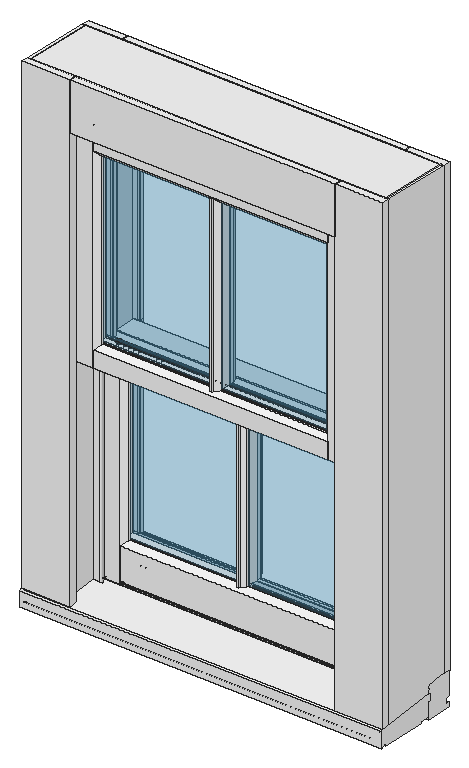
Revit family "B1-22V", category Generic Models, Revit 2012
Parameters (values of type "Window Sill drawing")
  Width = 757 mm
  Height = 1024 mm
  GlazingPanelMaterial = Glass
  Floor Material = White
Reference planes
  plane 1 "Center (Front/Back)": y = 0
  plane 2: z = 0
  plane 3 "Center (Left/Right)": x = 0
  plane 4: z = 1023.04
  plane 5: x = -800
  plane 6: y = -21.25
  plane 7: y = 152.75
  plane 8: x = -669
  plane 9: y = -21.25
  plane 10: z = 527.56
  plane 11: z = 483.56
  plane 12: z = 923.04
  plane 13: z = 937.04
  plane 14: z = 33
  plane 15: z = 941.04
  plane 16: z = 68
  plane 17: x = -43
  plane 18: x = -419.504
  plane 19: x = -174
  plane 20: z = -98.018
  plane 21: y = 110
  plane 22: y = 110
  plane 23: y = 110
  plane 24: x = -125
Forms (mm)
  Extrusion 1, solid, material "White" <- "Floor Material"
    sketch origin (250, 0, 215.855) x (0, 1, 0) y (0, 0, 1)
      loop
        arc (117, 270.705) -> (122.657, 273.048) -> (125, 278.705) r 8
        line (125, 278.705) -> (128, 278.705) -> (128, 283.705) -> (109, 283.705) -> (109, 271.705) -> (112, 271.705) -> (113, 267.705) -> (117, 267.705) -> (117, 270.705)
      loop
        line (105, 279.705) -> (89, 279.705) -> (89, 269.705) -> (105, 269.705) -> (105, 279.705)
      loop
        line (60, 267.705) -> (60, 292.705) -> (54, 292.705) -> (54, 295.705) -> (12, 295.705) -> (12, 311.705) -> (10, 311.705) -> (0, 301.705) -> (0, 267.705) -> (30.175, 267.705) -> (60, 267.705)
      loop
        line (34, 309.705) -> (18, 309.705) -> (18, 299.705) -> (34, 299.705) -> (34, 309.705)
      loop
        arc (55.767, 295.281) -> (54.751, 294.297) -> (55.736, 293.282) r 1
        line (55.736, 293.282) -> (63.235, 293.165) -> (63.296, 297.134) -> (65.309, 294.29)
        arc (65.309, 294.29) -> (66.623, 294.371) -> (66.745, 295.682) r 1.012
        line (66.745, 295.682) -> (63.823, 299.81)
        arc (63.823, 299.81) -> (62.341, 300.357) -> (61.298, 299.171) r 1.396
        line (61.298, 299.171) -> (61.236, 295.196) -> (55.767, 295.281)
    from -917.922 to -425.078
  Extrusion 2, solid, material "White" <- "Floor Material"
    sketch origin (1015, 13.291, 163.049) x (0, 1, 0) y (0, 0, 1)
      loop
        line (69.709, 336.511) -> (96.209, 336.511) -> (96.209, 364.511) -> (50.709, 364.511) -> (50.709, 359.511) -> (52.709, 349.511) -> (57.709, 349.511) -> (57.709, 339.968) -> (63.93, 339.968) -> (63.93, 336.511) -> (57.709, 336.511) -> (57.709, 320.511) -> (69.709, 320.511) -> (69.709, 336.511)
      loop
        line (53.709, 320.511) -> (53.709, 325.511) -> (51.709, 335.511) -> (46.709, 335.511) -> (46.709, 320.511) -> (53.709, 320.511)
      loop
        line (46.709, 364.511) -> (28.709, 364.511) -> (27.709, 360.511) -> (24.709, 360.511) -> (24.709, 348.511) -> (46.709, 348.511) -> (46.709, 364.511)
      loop
        arc (62.122, 337.525) -> (63.096, 338.55) -> (62.071, 339.524) r 1
        line (62.071, 339.524) -> (54.574, 339.332) -> (54.675, 335.364) -> (52.547, 338.122)
        arc (52.547, 338.122) -> (51.237, 337.987) -> (51.17, 336.672) r 1.012
        line (51.17, 336.672) -> (54.259, 332.668)
        arc (54.259, 332.668) -> (55.762, 332.182) -> (56.756, 333.41) r 1.396
        line (56.756, 333.41) -> (56.654, 337.384) -> (62.122, 337.525)
    from -1684 to -1190.078
  Extrusion 3, solid, material "White" <- "Floor Material"
    sketch origin (865, 123.171, 176.773) x (0, 1, 0) y (0, 0, 1)
      loop
        line (-14.171, 306.296) -> (-10.171, 306.787) -> (-11.171, 310.787) -> (-14.171, 310.787) -> (-14.171, 306.296)
      loop
        line (-38.171, 306.542) -> (-38.171, 309.542) -> (-40.171, 309.787) -> (-40.171, 306.787) -> (-38.171, 306.542)
      loop
        line (-85.171, 351.278) -> (-85.171, 346.787) -> (-82.171, 346.787) -> (-81.171, 350.787) -> (-85.171, 351.278)
      loop
        line (-111.171, 347.787) -> (-109.171, 348.033) -> (-109.171, 351.033) -> (-111.171, 350.787) -> (-111.171, 347.787)
    from -1534 to -1284.582
  Extrusion 4, solid, material "Glass" <- "GlazingPanelMaterial"
    sketch origin (150, 64.106, 220.533) x (0, 1, 0) y (0, 0, 1)
      loop
        line (44.88, -103.528) -> (44.88, 279.027) -> (40.88, 279.027) -> (40.88, -103.528) -> (44.88, -103.528)
      loop
        line (24.88, 279.027) -> (20.88, 279.027) -> (20.88, -103.528) -> (24.88, -103.528) -> (24.88, 279.027)
    from -819 to -325.078
  Extrusion 5, solid, material "White" <- "Floor Material"
    sketch origin (761.418, 125.498, 522.759) x (0, -0.121869, -0.992546) y (0, 0.992546, -0.121869)
      loop
        line (28.327, -57.65) -> (23.969, -54.354)
        arc (23.969, -54.354) -> (22.506, -54.612) -> (22.765, -56.075) r 1.05
        line (22.765, -56.075) -> (26.332, -58.837)
        arc (26.332, -58.837) -> (26.584, -59.776) -> (25.835, -60.396) r 0.9
        line (25.835, -60.396) -> (19.693, -61.15)
        arc (19.693, -61.15) -> (19.162, -61.383) -> (18.989, -61.936) r 0.7
        line (18.989, -61.936) -> (19.197, -63.633) -> (19.712, -64.398) -> (20.1, -67.562) -> (19.196, -66.76) -> (19.293, -67.554) -> (20.152, -68.225) -> (20.951, -68.183) -> (23.094, -67.324) -> (22.996, -66.53) -> (20.532, -66.978) -> (20.205, -64.315)
        arc (20.205, -64.315) -> (20.389, -63.651) -> (20.989, -63.312) r 0.9
        line (20.989, -63.312) -> (28.761, -62.358)
        arc (28.761, -62.358) -> (29.205, -62.1) -> (29.324, -61.601) r 0.65
        line (29.324, -61.601) -> (28.752, -58.33)
        arc (28.752, -58.33) -> (28.631, -57.932) -> (28.327, -57.65) r 0.798
    from -1430.418 to -1181
  Extrusion 6, solid, material "White" <- "Floor Material"
    sketch origin (911.418, 126.532, 523.994) x (0, -0.121869, -0.992546) y (0, 0.992546, -0.121869)
      loop
        arc (25.38, -55.148) -> (23.778, -55.428) -> (24.057, -57.03) r 1.15
        line (24.057, -57.03) -> (27.62, -59.789)
        arc (27.62, -59.789) -> (27.84, -60.623) -> (27.175, -61.172) r 0.8
        line (27.175, -61.172) -> (20.939, -61.931)
        arc (20.939, -61.931) -> (20.405, -62.232) -> (20.241, -62.823) r 0.8
        line (20.241, -62.823) -> (20.45, -64.52) -> (20.968, -65.312) -> (21.339, -68.337) -> (20.548, -67.635) -> (20.645, -68.429) -> (21.504, -69.1) -> (22.303, -69.058) -> (24.446, -68.2) -> (24.348, -67.406) -> (21.983, -67.835) -> (21.657, -65.178)
        arc (21.657, -65.178) -> (21.82, -64.588) -> (22.353, -64.287) r 0.8
        line (22.353, -64.287) -> (30.127, -63.332)
        arc (30.127, -63.332) -> (30.638, -63.034) -> (30.774, -62.459) r 0.75
        line (30.774, -62.459) -> (30.244, -59.424)
        arc (30.244, -59.424) -> (30.154, -58.918) -> (29.833, -58.516) r 1.042
        line (29.833, -58.516) -> (25.38, -55.148)
    from -1580.418 to -1331
  Extrusion 7, solid, material "White" <- "Floor Material"
    sketch origin (861.418, 121.497, 535.638) x (0, -0.121869, -0.992546) y (0, 0.992546, -0.121869)
      loop
        line (37.899, -55.316) -> (32.161, -55.997)
        arc (32.161, -55.997) -> (31.827, -56.184) -> (31.724, -56.554) r 0.5
        line (31.724, -56.554) -> (32.395, -62.021) -> (31.491, -61.219) -> (31.588, -62.013) -> (32.447, -62.684) -> (33.246, -62.642) -> (35.389, -61.784) -> (35.291, -60.989) -> (32.827, -61.437) -> (32.285, -57.019)
        arc (32.285, -57.019) -> (32.428, -56.659) -> (32.772, -56.479) r 0.558
        line (32.772, -56.479) -> (37.96, -55.818)
        arc (37.96, -55.818) -> (38.179, -55.536) -> (37.899, -55.316) r 0.253
    from -1530.418 to -1281
  Extrusion 8, solid, material "White" <- "Floor Material"
    sketch origin (-78.582, 5.502, 488.643) x (0, 0.121869, 0.992546) y (0, -0.992546, 0.121869)
      loop
        line (28.327, -57.65) -> (23.969, -54.354)
        arc (23.969, -54.354) -> (22.506, -54.612) -> (22.765, -56.075) r 1.05
        line (22.765, -56.075) -> (26.332, -58.837)
        arc (26.332, -58.837) -> (26.584, -59.776) -> (25.835, -60.396) r 0.9
        line (25.835, -60.396) -> (19.693, -61.15)
        arc (19.693, -61.15) -> (19.162, -61.383) -> (18.989, -61.936) r 0.7
        line (18.989, -61.936) -> (19.197, -63.633) -> (19.712, -64.398) -> (20.1, -67.562) -> (19.196, -66.76) -> (19.293, -67.554) -> (20.152, -68.225) -> (20.951, -68.183) -> (23.094, -67.324) -> (22.996, -66.53) -> (20.532, -66.978) -> (20.205, -64.315)
        arc (20.205, -64.315) -> (20.389, -63.651) -> (20.989, -63.312) r 0.9
        line (20.989, -63.312) -> (28.761, -62.358)
        arc (28.761, -62.358) -> (29.205, -62.1) -> (29.324, -61.601) r 0.65
        line (29.324, -61.601) -> (28.752, -58.33)
        arc (28.752, -58.33) -> (28.631, -57.932) -> (28.327, -57.65) r 0.798
    from -590.418 to -96.496
  Extrusion 9, solid, material "White" <- "Floor Material"
    sketch origin (736.418, 9.503, 475.765) x (0, 0.121869, 0.992546) y (0, -0.992546, 0.121869)
      loop
        line (37.899, -55.316) -> (32.161, -55.997)
        arc (32.161, -55.997) -> (31.827, -56.184) -> (31.724, -56.554) r 0.5
        line (31.724, -56.554) -> (32.395, -62.021) -> (31.491, -61.219) -> (31.588, -62.013) -> (32.447, -62.684) -> (33.246, -62.642) -> (35.389, -61.784) -> (35.291, -60.989) -> (32.827, -61.437) -> (32.285, -57.019)
        arc (32.285, -57.019) -> (32.428, -56.659) -> (32.772, -56.479) r 0.558
        line (32.772, -56.479) -> (37.96, -55.818)
        arc (37.96, -55.818) -> (38.179, -55.536) -> (37.899, -55.316) r 0.253
    from -1405.418 to -911.496
  Extrusion 10, solid, material "White" <- "Floor Material"
    sketch origin (815, 0, 215.855) x (0, 1, 0) y (0, 0, 1)
      loop
        line (38, 299.705) -> (12, 299.705) -> (12, 295.705) -> (38, 295.705) -> (38, 299.705)
      loop
        line (109, 283.705) -> (83, 283.705) -> (83, 279.705) -> (109, 279.705) -> (109, 283.705)
    from -1484 to -1234.582
  Extrusion 11, solid, not visible
    sketch origin (0, 0, 9.375) x (0, 1, 0) y (0, 0, 1)
      loop
        line (94.662, 311.911) -> (94.314, 312.868) -> (95.314, 312.868) -> (93.454, 317.977) -> (86.115, 317.977) -> (85.011, 317.575) -> (64.143, 317.575) -> (64.143, 311.911) -> (94.662, 311.911)
    from 0 to 250
  Extrusion 12, solid, not visible
    sketch origin (0, 0, 9.375) x (0, 1, 0) y (0, 0, 1)
      loop
        line (93.688, 317.334) -> (85.92, 317.334) -> (87.101, 312.926) -> (95.293, 312.926) -> (93.688, 317.334)
      loop
        line (91.853, 322.376) -> (91.853, 328.194)
        arc (91.853, 328.194) -> (91.424, 329.231) -> (90.388, 329.66) r 1.465
        line (90.388, 329.66) -> (71.853, 329.66) -> (71.853, 322.376) -> (91.853, 322.376)
      loop
        line (73.373, 320.598) -> (64.143, 320.598) -> (64.143, 317.575) -> (73.373, 317.575) -> (73.373, 320.598)
      loop
        line (61.169, 311.884) -> (61.169, 316.884) -> (56.169, 316.884)
        arc (56.169, 316.884) -> (53.926, 317.813) -> (52.996, 320.057) r 3.173
        line (52.996, 320.057) -> (52.996, 327.594)
        arc (52.996, 327.594) -> (53.247, 329.284) -> (54.656, 330.25) r 2.138
        line (54.656, 330.25) -> (56.493, 330.25)
        arc (56.493, 330.25) -> (57.939, 329.727) -> (58.925, 328.548) r 2.95
        line (58.925, 328.548) -> (59.306, 324.922) -> (61.24, 324.922) -> (60.612, 330.901)
        arc (60.612, 330.901) -> (59.723, 332.646) -> (57.894, 333.348) r 2.733
        line (57.894, 333.348) -> (52.423, 333.348)
        arc (52.423, 333.348) -> (50.164, 330.795) -> (49.999, 327.391) r 5.139
        line (49.999, 327.391) -> (47.957, 316.884)
        arc (47.957, 316.884) -> (49.179, 314.507) -> (49.698, 311.884) r 9.583
        line (49.698, 311.884) -> (61.169, 311.884)
    from 0 to 250
  Extrusion 13, solid, material "White" <- "Floor Material"
    sketch origin (0, -21.25, 628.291) x (0, 1, 0) y (0, 0, 1)
      loop
        arc (81.5, 305.749) -> (80.621, 307.871) -> (78.5, 308.749) r 3
        line (78.5, 308.749) -> (73.5, 308.749) -> (73.5, 302.749) -> (70.5, 302.749) -> (70.5, 308.749) -> (24.5, 308.749)
        arc (24.5, 308.749) -> (22.379, 307.871) -> (21.5, 305.749) r 3
        line (21.5, 305.749) -> (21.5, 262.749) -> (31.5, 252.749) -> (33.5, 252.749) -> (33.5, 268.749) -> (81.5, 268.749) -> (81.5, 305.749)
    from -667.921 to -175.078
  Extrusion 14, solid, material "White" <- "Floor Material"
    sketch origin (50, -21.25, 639.228) x (0, 1, 0) y (0, 0, 1)
      loop
        line (78.5, 268.749) -> (59.5, 268.749) -> (59.5, 256.749) -> (62.5, 256.749) -> (63.5, 252.749) -> (67.5, 252.749) -> (67.5, 255.749)
        arc (67.5, 255.749) -> (73.157, 258.092) -> (75.5, 263.749) r 8
        line (75.5, 263.749) -> (78.5, 263.749) -> (78.5, 268.749)
      loop
        line (67.534, 317.378) -> (63.288, 313.116) -> (63.101, 309.432)
        arc (63.101, 309.432) -> (63.279, 308.951) -> (63.75, 308.749) r 0.65
        line (63.75, 308.749) -> (71.582, 308.749)
        arc (71.582, 308.749) -> (72.219, 308.486) -> (72.482, 307.849) r 0.9
        line (72.482, 307.849) -> (72.482, 305.266) -> (69.639, 305.266) -> (69.639, 304.437) -> (70.5, 304.437) -> (72.582, 304.032) -> (73.5, 304.437) -> (73.5, 308.749) -> (73.4, 310.459)
        arc (73.4, 310.459) -> (73.16, 310.987) -> (72.605, 311.153) r 0.7
        line (72.605, 311.153) -> (66.417, 311.153)
        arc (66.417, 311.153) -> (65.695, 311.514) -> (65.553, 312.309) r 0.9
        line (65.553, 312.309) -> (68.938, 315.817)
        arc (68.938, 315.817) -> (69.016, 317.299) -> (67.534, 317.378) r 1.05
    from -719 to -224
  Extrusion 15, solid, material "White" <- "Floor Material"
    sketch origin (50, -21.25, 628.291) x (0, 1, 0) y (0, 0, 1)
      loop
        line (154, 344.749) -> (154, 388.749) -> (20, 388.749) -> (20, 344.749) -> (154, 344.749)
    from -749.921 to -175.079
  Extrusion 16, solid, material "Glass" <- "GlazingPanelMaterial"
    sketch origin (0, -6.957, 754.533) x (0, 1, 0) y (0, 0, 1)
      loop
        line (45.207, -226.973) -> (45.207, 138.507) -> (41.207, 138.507) -> (41.207, -226.973) -> (45.207, -226.973)
      loop
        line (24.957, 138.507) -> (20.957, 138.507) -> (20.957, -226.973) -> (24.957, -226.973) -> (24.957, 138.507)
    from -669 to -175.078
  Extrusion 17, solid, material "White" <- "Floor Material"
    sketch origin (-72.332, 95.318, 1060.525) x (0, 1, 0) y (0, 0, 1)
      loop
        line (-97.368, -115.408) -> (-98.782, -115.408) -> (-98.782, -120.691) -> (-97.368, -120.691) -> (-97.368, -119.602) -> (-97.368, -116.493) -> (-97.368, -115.408)
    from -596.668 to -347.25
  Extrusion 18, solid, material "White" <- "Floor Material"
    sketch origin (50, -21.25, 639.228) x (0, 1, 0) y (0, 0, 1)
      loop
        line (17, 304.499) -> (13, 304.499) -> (13, 301.999) -> (17, 301.999) -> (17, 299.749) -> (20, 299.749) -> (20, 301.694) -> (19.2, 301.694) -> (19.2, 300.606) -> (17.786, 300.606) -> (17.786, 305.893) -> (19.2, 305.893) -> (19.2, 304.804) -> (20, 304.804) -> (20, 306.749) -> (17, 306.749) -> (17, 304.499)
    from -719 to -224
  Extrusion 19, solid, material "White" <- "Floor Material"
    sketch origin (50, -21.25, 639.228) x (0, 1, 0) y (0, 0, 1)
      loop
        line (23.862, 300.393) -> (23.862, 306.074)
        spline (23.862, 306.074) -> (23.6, 305.683) -> (23.284, 305.425) -> (22.922, 305.27) -> (22.524, 305.189) -> (22.101, 305.153) -> (21.66, 305.133) -> (21.213, 305.1) -> (20.767, 305.024) -> (20.334, 304.876) -> (19.922, 304.627) -> (19.541, 304.248) -> (19.2, 303.71)
        line (19.2, 303.71) -> (19.2, 302.476)
        spline (19.2, 302.476) -> (19.558, 301.967) -> (19.948, 301.615) -> (20.362, 301.392) -> (20.792, 301.269) -> (21.23, 301.216) -> (21.669, 301.205) -> (22.099, 301.206) -> (22.515, 301.191) -> (22.906, 301.132) -> (23.267, 300.998) -> (23.588, 300.761) -> (23.862, 300.393)
    from -719 to -224
  Extrusion 20, solid, material "White" <- "Floor Material"
    sketch origin (-22.332, 36.182, 1060.525) x (0, -1, 0) y (0, 0, -1)
      loop
        line (-97.368, 115.408) -> (-97.368, 116.493) -> (-97.368, 119.602) -> (-97.368, 120.691) -> (-98.782, 120.691) -> (-98.782, 115.408) -> (-97.368, 115.408)
    from -646.668 to -397.25
  Extrusion 21, solid, material "White" <- "Floor Material"
    sketch origin (25, 152.75, 639.228) x (0, -1, 0) y (0, 0, -1)
      loop
        spline (23.862, -300.393) -> (23.588, -300.761) -> (23.267, -300.998) -> (22.906, -301.132) -> (22.515, -301.191) -> (22.099, -301.206) -> (21.669, -301.205) -> (21.23, -301.216) -> (20.792, -301.269) -> (20.362, -301.392) -> (19.948, -301.615) -> (19.558, -301.967) -> (19.2, -302.476)
        line (19.2, -302.476) -> (19.2, -303.71)
        spline (19.2, -303.71) -> (19.541, -304.248) -> (19.922, -304.627) -> (20.334, -304.876) -> (20.767, -305.024) -> (21.213, -305.1) -> (21.66, -305.133) -> (22.101, -305.153) -> (22.524, -305.189) -> (22.922, -305.27) -> (23.284, -305.425) -> (23.6, -305.683) -> (23.862, -306.074)
        line (23.862, -306.074) -> (23.862, -300.393)
    from -694 to -444.582
  Extrusion 22, solid, material "White" <- "Floor Material"
    sketch origin (50, 234.566, 755.449) x (0, 1, 0) y (0, 0, 1)
      loop
        line (-222.316, 137.529) -> (-220.566, 137.744) -> (-220.566, 140.529) -> (-222.316, 140.529) -> (-222.316, 137.529)
      loop
        line (-193.316, 140.529) -> (-196.316, 140.529) -> (-196.316, 136.529) -> (-192.316, 136.529) -> (-193.316, 140.529)
    from -719 to -469.582
  Extrusion 23, solid, material "White" <- "Floor Material"
    sketch origin (50, -21.25, 628.291) x (0, 1, 0) y (0, 0, 1)
      loop
        line (174, 312.749) -> (174, 388.749) -> (20, 388.749) -> (20, 329.749) -> (15, 329.749) -> (15, 321.749) -> (20, 321.749) -> (20, 312.749) -> (83, 312.749) -> (83, 319.749) -> (91, 319.749) -> (91, 312.749) -> (174, 312.749)
    from -767.938 to -102.768
  Extrusion 24, solid, material "White" <- "Floor Material"
    sketch origin (-172.332, 69.685, -12.907) x (0, -1, 0) y (0, 0, -1)
      loop
        line (-28.815, -17.907) -> (-28.815, -45.907) -> (-33.815, -45.907) -> (-33.815, -60.907) -> (-28.815, -60.907) -> (92.551, -46.005)
        arc (92.551, -46.005) -> (94.432, -45.015) -> (95.185, -43.027) r 3
        line (95.185, -43.027) -> (95.185, -12.907) -> (90.185, -12.907) -> (90.185, -14.907)
        arc (90.185, -14.907) -> (87.185, -17.907) -> (84.185, -14.907) r 3
        line (84.185, -14.907) -> (84.185, -12.907) -> (-8.815, -12.907) -> (-8.815, -17.907) -> (-28.815, -17.907)
    from -627.668 to 129.332
  Extrusion 25, solid, material "White" <- "Floor Material"
    sketch origin (-172.332, 69.685, 0) x (0, -1, 0) y (0, 0, -1)
      loop
        line (-82.815, 0) -> (-82.815, -10) -> (-72.815, -10) -> (-72.815, -20) -> (-82.815, -20) -> (-82.815, -68) -> (-62.815, -68) -> (-28.815, -63.825) -> (-28.815, -58.913)
        arc (-28.815, -58.913) -> (-31.815, -55.913) -> (-28.815, -52.913) r 3
        line (-28.815, -52.913) -> (-28.815, -48) -> (-33.815, -48) -> (-33.815, -33) -> (-28.815, -33) -> (-28.815, 0) -> (-82.815, 0)
    from -627.668 to 129.332
  Extrusion 26, solid, material "White" <- "Floor Material"
    sketch origin (-172.332, 75.723, -26.266) x (0, -1, 0) y (0, 0, -1)
      loop
        line (-6.277, -76.621) -> (-17.277, -77.972) -> (-17.277, -99.936) -> (-21.277, -99.936) -> (-21.277, -139.271) -> (-7.277, -139.271) -> (-7.277, -155.271) -> (-5.277, -155.271) -> (4.723, -145.271) -> (4.723, -77.246)
        arc (4.723, -77.246) -> (3.711, -74.999) -> (1.357, -74.268) r 3
        line (1.357, -74.268) -> (-3.277, -74.837) -> (-3.277, -82.253) -> (-6.277, -82.253) -> (-6.277, -76.621)
      loop
        line (-55.277, -139.271) -> (-29.277, -139.271) -> (-29.277, -99.936) -> (-33.277, -99.936) -> (-33.277, -94.936) -> (-44.277, -96.287) -> (-44.277, -102.287) -> (-47.277, -102.287) -> (-47.277, -96.655) -> (-52.643, -97.314)
        arc (-52.643, -97.314) -> (-54.524, -98.304) -> (-55.277, -100.292) r 3
        line (-55.277, -100.292) -> (-55.277, -139.271)
    from -495.589 to -2.746
  Extrusion 27, solid, material "White" <- "Floor Material"
    sketch origin (-172.332, 36.806, -33.552) x (0, -1, 0) y (0, 0, -1)
      loop
        line (-97.22, -108.207) -> (-97.22, -106.552) -> (-98.72, -106.552) -> (-98.72, -111.552) -> (-97.22, -111.552) -> (-97.22, -109.898)
        spline (-97.22, -109.898) -> (-96.846, -110.536) -> (-96.419, -110.991) -> (-95.951, -111.297) -> (-95.454, -111.486) -> (-94.941, -111.593) -> (-94.423, -111.65) -> (-93.912, -111.691) -> (-93.422, -111.75) -> (-92.964, -111.859) -> (-92.55, -112.054) -> (-92.193, -112.366) -> (-91.905, -112.83)
        line (-91.905, -112.83) -> (-91.905, -105.274)
        spline (-91.905, -105.274) -> (-92.193, -105.738) -> (-92.55, -106.051) -> (-92.964, -106.245) -> (-93.422, -106.355) -> (-93.912, -106.414) -> (-94.423, -106.455) -> (-94.941, -106.512) -> (-95.454, -106.619) -> (-95.951, -106.808) -> (-96.419, -107.113) -> (-96.846, -107.569) -> (-97.22, -108.207)
    from -496.668 to -247.25
  Extrusion 28, solid, material "White" <- "Floor Material"
    sketch origin (-172.332, 73.367, -7.569) x (0, -1, 0) y (0, 0, -1)
      loop
        line (-54.633, -125.574) -> (-51.633, -125.574)
        arc (-51.633, -125.574) -> (-49.289, -131.23) -> (-43.633, -133.574) r 8
        line (-43.633, -133.574) -> (-43.633, -136.574) -> (-39.633, -136.574) -> (-38.633, -132.574) -> (-35.633, -132.574) -> (-35.633, -120.574) -> (-54.633, -120.574) -> (-54.633, -125.574)
    from -496.668 to -2.746
  Extrusion 29, solid, material "White" <- "Floor Material"
    sketch origin (-172.332, 69.685, 0) x (0, -1, 0) y (0, 0, -1)
      loop
        line (-39.315, -113.004) -> (-39.315, -117.004) -> (-15.315, -117.004) -> (-15.315, -126.25) -> (-13.315, -126.004) -> (-13.315, -113.004) -> (-39.315, -113.004)
    from -496.668 to -247.25
  Extrusion 30, solid, material "White" <- "Floor Material"
    sketch origin (-153.582, 101.098, -13.29) x (0, -1, 0) y (0, 0, -1)
      loop
        line (28.327, -57.65) -> (23.969, -54.354)
        arc (23.969, -54.354) -> (22.506, -54.612) -> (22.765, -56.075) r 1.05
        line (22.765, -56.075) -> (26.332, -58.837)
        arc (26.332, -58.837) -> (26.584, -59.776) -> (25.835, -60.396) r 0.9
        line (25.835, -60.396) -> (19.693, -61.15)
        arc (19.693, -61.15) -> (19.162, -61.383) -> (18.989, -61.936) r 0.7
        line (18.989, -61.936) -> (19.197, -63.633) -> (19.712, -64.398) -> (20.1, -67.562) -> (19.196, -66.76) -> (19.293, -67.554) -> (20.152, -68.225) -> (20.951, -68.183) -> (23.094, -67.324) -> (22.996, -66.53) -> (20.532, -66.978) -> (20.205, -64.315)
        arc (20.205, -64.315) -> (20.389, -63.651) -> (20.989, -63.312) r 0.9
        line (20.989, -63.312) -> (28.761, -62.358)
        arc (28.761, -62.358) -> (29.205, -62.1) -> (29.324, -61.601) r 0.65
        line (29.324, -61.601) -> (28.752, -58.33)
        arc (28.752, -58.33) -> (28.631, -57.932) -> (28.327, -57.65) r 0.798
    from -551.339 to 10.504
  Extrusion 31, solid, material "White" <- "Floor Material"
    sketch origin (-153.582, 113.393, -7.749) x (0, -1, 0) y (0, 0, -1)
      loop
        line (37.899, -55.316) -> (32.161, -55.997)
        arc (32.161, -55.997) -> (31.827, -56.184) -> (31.724, -56.554) r 0.5
        line (31.724, -56.554) -> (32.395, -62.021) -> (31.491, -61.219) -> (31.588, -62.013) -> (32.447, -62.684) -> (33.246, -62.642) -> (35.389, -61.784) -> (35.291, -60.989) -> (32.827, -61.437) -> (32.285, -57.019)
        arc (32.285, -57.019) -> (32.428, -56.659) -> (32.772, -56.479) r 0.558
        line (32.772, -56.479) -> (37.96, -55.818)
        arc (37.96, -55.818) -> (38.179, -55.536) -> (37.899, -55.316) r 0.253
    from -515.418 to -266
  Extrusion 32, solid, material "White" <- "Floor Material"
    sketch origin (-172.332, 69.685, 0) x (0, -1, 0) y (0, 0, -1)
      loop
        line (-35.315, -127.004) -> (-19.315, -127.004) -> (-19.315, -117.004) -> (-35.315, -117.004) -> (-35.315, -127.004)
    from -496.668 to -247.25
  Extrusion 33, solid, material "White" <- "Floor Material"
    sketch origin (-153.582, 142.098, 6.744) x (0, -1, 0) y (0, 0, -1)
      loop
        line (28.327, -57.65) -> (23.969, -54.354)
        arc (23.969, -54.354) -> (22.506, -54.612) -> (22.765, -56.075) r 1.05
        line (22.765, -56.075) -> (26.332, -58.837)
        arc (26.332, -58.837) -> (26.584, -59.776) -> (25.835, -60.396) r 0.9
        line (25.835, -60.396) -> (19.693, -61.15)
        arc (19.693, -61.15) -> (19.162, -61.383) -> (18.989, -61.936) r 0.7
        line (18.989, -61.936) -> (19.197, -63.633) -> (19.712, -64.398) -> (20.1, -67.562) -> (19.196, -66.76) -> (19.293, -67.554) -> (20.152, -68.225) -> (20.951, -68.183) -> (23.094, -67.324) -> (22.996, -66.53) -> (20.532, -66.978) -> (20.205, -64.315)
        arc (20.205, -64.315) -> (20.389, -63.651) -> (20.989, -63.312) r 0.9
        line (20.989, -63.312) -> (28.761, -62.358)
        arc (28.761, -62.358) -> (29.205, -62.1) -> (29.324, -61.601) r 0.65
        line (29.324, -61.601) -> (28.752, -58.33)
        arc (28.752, -58.33) -> (28.631, -57.932) -> (28.327, -57.65) r 0.798
    from -515.418 to -266
  Extrusion 34, solid, material "White" <- "Floor Material"
    sketch origin (-153.582, 143.45, 5.869) x (0, -1, 0) y (0, 0, -1)
      loop
        arc (25.38, -55.148) -> (23.778, -55.428) -> (24.057, -57.03) r 1.15
        line (24.057, -57.03) -> (27.62, -59.789)
        arc (27.62, -59.789) -> (27.84, -60.623) -> (27.175, -61.172) r 0.8
        line (27.175, -61.172) -> (20.939, -61.931)
        arc (20.939, -61.931) -> (20.405, -62.232) -> (20.241, -62.823) r 0.8
        line (20.241, -62.823) -> (20.45, -64.52) -> (20.968, -65.312) -> (21.339, -68.337) -> (20.548, -67.635) -> (20.645, -68.429) -> (21.504, -69.1) -> (22.303, -69.058) -> (24.446, -68.2) -> (24.348, -67.406) -> (21.983, -67.835) -> (21.657, -65.178)
        arc (21.657, -65.178) -> (21.82, -64.588) -> (22.353, -64.287) r 0.8
        line (22.353, -64.287) -> (30.127, -63.332)
        arc (30.127, -63.332) -> (30.638, -63.034) -> (30.774, -62.459) r 0.75
        line (30.774, -62.459) -> (30.244, -59.424)
        arc (30.244, -59.424) -> (30.154, -58.918) -> (29.833, -58.516) r 1.042
        line (29.833, -58.516) -> (25.38, -55.148)
    from -515.418 to -266
  Extrusion 35, solid, material "White" <- "Floor Material"
    sketch origin (-153.582, 154.393, 12.285) x (0, -1, 0) y (0, 0, -1)
      loop
        line (37.899, -55.316) -> (32.161, -55.997)
        arc (32.161, -55.997) -> (31.827, -56.184) -> (31.724, -56.554) r 0.5
        line (31.724, -56.554) -> (32.395, -62.021) -> (31.491, -61.219) -> (31.588, -62.013) -> (32.447, -62.684) -> (33.246, -62.642) -> (35.389, -61.784) -> (35.291, -60.989) -> (32.827, -61.437) -> (32.285, -57.019)
        arc (32.285, -57.019) -> (32.428, -56.659) -> (32.772, -56.479) r 0.558
        line (32.772, -56.479) -> (37.96, -55.818)
        arc (37.96, -55.818) -> (38.179, -55.536) -> (37.899, -55.316) r 0.253
    from -515.418 to -266
  Extrusion 36, solid, material "White" <- "Floor Material"
    sketch origin (-172.332, 69.685, 0) x (0, -1, 0) y (0, 0, -1)
      loop
        line (-39.315, -129.495) -> (-39.315, -125.004) -> (-42.315, -125.004) -> (-43.315, -129.004) -> (-39.315, -129.495)
      loop
        line (-15.315, -129.25) -> (-13.315, -129.004) -> (-13.315, -126.004) -> (-15.315, -126.25) -> (-15.315, -129.25)
    from -496.668 to -247.25
  Extrusion 37, solid, material "White" <- "Floor Material"
    sketch origin (-511.418, -643.153, 0) x (1, 0, 0) y (0, 1, 0)
      loop
        line (-280.004, 695.902) -> (-280.004, 650.902) -> (-235.004, 650.902) -> (-235.004, 695.902) -> (-280.004, 695.902)
      loop
        circle (-257.504, 673.402) r 3.5
      loop
        circle (-257.504, 744.402) r 3.5
      loop
        line (-235.004, 766.902) -> (-280.004, 766.902) -> (-280.004, 721.902) -> (-235.004, 721.902) -> (-235.004, 766.902)
      loop
        line (-281.504, 707.402) -> (-233.504, 707.402) -> (-233.504, 710.402) -> (-281.504, 710.402) -> (-281.504, 707.402)
      loop
        line (-206.504, 712.902) -> (-213.504, 712.902) -> (-213.504, 704.902) -> (-192.504, 704.902)
        arc (-192.504, 704.902) -> (-188.504, 708.902) -> (-192.504, 712.902) r 4
        line (-192.504, 712.902) -> (-206.504, 712.902)
    from 33 to 923.04
  Extrusion 38, solid, material "White" <- "Floor Material"
    sketch origin (-511.434, -643.965, 0) x (1, 0, 0) y (0, 1, 0)
      loop
        line (-209.504, 752.402) -> (-254.504, 752.402) -> (-254.504, 736.402) -> (-209.504, 736.402) -> (-209.504, 729.902) -> (-206.504, 729.902) -> (-206.504, 758.902) -> (-209.504, 758.902) -> (-209.504, 752.402)
      loop
        line (-254.504, 681.402) -> (-254.504, 665.402) -> (-209.504, 665.402) -> (-209.504, 658.902) -> (-206.504, 658.902) -> (-206.504, 687.902) -> (-209.504, 687.902) -> (-209.504, 681.402) -> (-254.504, 681.402)
    from 33 to 923.04
  Extrusion 39, solid, material "White" <- "Floor Material"
    sketch origin (-511.418, -571.902, -672) x (1, 0, 0) y (0, 1, 0)
      loop
        line (-156.504, 643.402) -> (-146.504, 653.402) -> (-146.504, 655.402) -> (-162.504, 655.402) -> (-162.504, 703.402) -> (-199.504, 703.402)
        arc (-199.504, 703.402) -> (-201.625, 702.524) -> (-202.504, 700.402) r 3
        line (-202.504, 700.402) -> (-202.504, 679.402) -> (-196.504, 679.402) -> (-196.504, 667.402) -> (-202.504, 667.402) -> (-202.504, 654.402) -> (-196.504, 654.402) -> (-196.504, 651.402) -> (-202.504, 651.402) -> (-202.504, 646.402)
        arc (-202.504, 646.402) -> (-201.625, 644.281) -> (-199.504, 643.402) r 3
        line (-199.504, 643.402) -> (-156.504, 643.402)
    from 717.039 to 1171.56
  Extrusion 40, solid, material "White" <- "Floor Material"
    sketch origin (-511.418, -571.902, -672) x (1, 0, 0) y (0, 1, 0)
      loop
        line (-162.504, 700.402) -> (-162.504, 681.402) -> (-150.504, 681.402) -> (-150.504, 684.402) -> (-146.504, 685.402) -> (-146.504, 689.402) -> (-149.504, 689.402)
        arc (-149.504, 689.402) -> (-151.847, 695.059) -> (-157.504, 697.402) r 8
        line (-157.504, 697.402) -> (-157.504, 700.402) -> (-162.504, 700.402)
    from 705 to 1199.56
  Extrusion 41, solid, not visible
    sketch origin (-848.022, -244.537, 0) x (1, 0, 0) y (0, 1, 0)
      loop
        line (-156.504, 643.402) -> (-146.504, 653.402) -> (-146.504, 655.402) -> (-162.504, 655.402) -> (-162.504, 703.402) -> (-199.504, 703.402)
        arc (-199.504, 703.402) -> (-201.625, 702.524) -> (-202.504, 700.402) r 3
        line (-202.504, 700.402) -> (-202.504, 695.402) -> (-196.504, 695.402) -> (-196.504, 692.402) -> (-202.504, 692.402) -> (-202.504, 679.402) -> (-196.504, 679.402) -> (-196.504, 667.402) -> (-202.504, 667.402) -> (-202.504, 646.402)
        arc (-202.504, 646.402) -> (-201.625, 644.281) -> (-199.504, 643.402) r 3
        line (-199.504, 643.402) -> (-156.504, 643.402)
    from 672 to 1294
  Extrusion 42, solid, not visible
    sketch origin (-848.022, -244.537, 0) x (1, 0, 0) y (0, 1, 0)
      loop
        line (-162.504, 700.402) -> (-162.504, 681.402) -> (-150.504, 681.402) -> (-150.504, 684.402) -> (-146.504, 685.402) -> (-146.504, 689.402) -> (-149.504, 689.402)
        arc (-149.504, 689.402) -> (-151.847, 695.059) -> (-157.504, 697.402) r 8
        line (-157.504, 697.402) -> (-157.504, 700.402) -> (-162.504, 700.402)
    from 672 to 1294
  Extrusion 43, solid, material "White" <- "Floor Material"
    sketch origin (-511.418, -714.403, -40) x (1, 0, 0) y (0, 1, 0)
      loop
        arc (-199.504, 774.402) -> (-201.625, 773.524) -> (-202.504, 771.402) r 3
        line (-202.504, 771.402) -> (-202.504, 766.402) -> (-196.504, 766.402) -> (-196.504, 763.402) -> (-202.504, 763.402) -> (-202.504, 750.402) -> (-196.504, 750.402) -> (-196.504, 738.402) -> (-202.504, 738.402) -> (-202.504, 717.402)
        arc (-202.504, 717.402) -> (-201.625, 715.281) -> (-199.504, 714.402) r 3
        line (-199.504, 714.402) -> (-156.504, 714.402) -> (-146.504, 724.402) -> (-146.504, 726.402) -> (-162.504, 726.402) -> (-162.504, 774.402) -> (-199.504, 774.402)
    from 523.56 to 977.04
  Extrusion 44, solid, material "White" <- "Floor Material"
    sketch origin (-511.418, -714.403, -85) x (1, 0, 0) y (0, 1, 0)
      loop
        line (-157.504, 771.402) -> (-162.504, 771.402) -> (-162.504, 752.402) -> (-150.504, 752.402) -> (-150.504, 755.402) -> (-146.504, 756.402) -> (-146.504, 760.402) -> (-149.504, 760.402)
        arc (-149.504, 760.402) -> (-151.847, 766.059) -> (-157.504, 768.402) r 8
        line (-157.504, 768.402) -> (-157.504, 771.402)
    from 568.56 to 1022.04
  Extrusion 45, solid, material "White" <- "Floor Material"
    sketch origin (-511.418, 774.897, -660) x (1, 0, 0) y (0, 1, 0)
      loop
        arc (-204.331, -687.749) -> (-207.239, -689.467) -> (-208.592, -692.561) r 5.492
        arc (-208.592, -692.561) -> (-208.577, -693.238) -> (-207.9, -693.253) r 0.49
        line (-207.9, -693.253) -> (-207.702, -692.118)
        arc (-207.702, -692.118) -> (-206.44, -689.941) -> (-204.202, -688.789) r 4.477
        arc (-204.202, -688.789) -> (-203.814, -688.735) -> (-203.578, -688.421) r 0.511
        line (-203.578, -688.421) -> (-203.578, -686.619)
        arc (-203.578, -686.619) -> (-203.274, -687.204) -> (-203.257, -687.863) r 1.462
        line (-203.257, -687.863) -> (-203.257, -695.734)
        arc (-203.257, -695.734) -> (-202.89, -696.174) -> (-202.523, -695.734) r 0.373
        line (-202.523, -695.734) -> (-202.523, -693.221) -> (-200.345, -693.221) -> (-201.733, -694.086) -> (-199.555, -694.086) -> (-198.017, -693.779) -> (-198.017, -692.744)
        arc (-198.017, -692.744) -> (-198.357, -692.518) -> (-198.75, -692.402) r 1.365
        line (-198.75, -692.402) -> (-202.504, -692.402) -> (-202.504, -686.348)
        arc (-202.504, -686.348) -> (-203.437, -685.545) -> (-204.331, -686.391) r 0.919
        line (-204.331, -686.391) -> (-204.331, -687.749)
    from 660 to 1282
  Extrusion 46, solid, material "White" <- "Floor Material"
    sketch origin (-511.418, 774.402, -60) x (1, 0, 0) y (0, 1, 0)
      loop
        line (-204.331, -730.055) -> (-204.331, -731.414)
        arc (-204.331, -731.414) -> (-203.437, -732.26) -> (-202.504, -731.457) r 0.919
        line (-202.504, -731.457) -> (-202.504, -725.402) -> (-198.44, -725.402)
        arc (-198.44, -725.402) -> (-197.968, -724.672) -> (-198.44, -723.941) r 0.802
        line (-198.44, -723.941) -> (-199.555, -723.719) -> (-201.729, -723.719) -> (-201.113, -724.274) -> (-200.345, -724.584) -> (-202.523, -724.584) -> (-202.523, -722.012)
        arc (-202.523, -722.012) -> (-202.923, -721.612) -> (-203.323, -722.012) r 0.4
        line (-203.323, -722.012) -> (-203.323, -731.425) -> (-203.578, -730.607) -> (-203.578, -729.384)
        arc (-203.578, -729.384) -> (-203.814, -729.07) -> (-204.202, -729.016) r 0.511
        arc (-204.202, -729.016) -> (-206.634, -727.667) -> (-207.8, -725.142) r 4.477
        arc (-207.8, -725.142) -> (-208.241, -724.845) -> (-208.592, -725.244) r 0.402
        arc (-208.592, -725.244) -> (-207.239, -728.338) -> (-204.331, -730.055) r 5.492
    from 638 to 997.04
  Extrusion 47, solid, not visible
    sketch origin (-511.418, -643.152, -230) x (1, 0, 0) y (0, 1, 0)
      loop
        line (-200.504, 641.902) -> (-200.504, 638.902) -> (-198.254, 638.902) -> (-198.254, 634.902) -> (-195.818, 634.902) -> (-195.818, 638.902) -> (-193.504, 638.902) -> (-193.504, 641.902) -> (-195.282, 641.902) -> (-195.282, 641.116) -> (-194.482, 641.116) -> (-194.482, 639.814) -> (-199.81, 639.814) -> (-199.81, 641.116) -> (-199.01, 641.116) -> (-199.01, 641.902) -> (-200.504, 641.902)
    from 230 to 852
  Extrusion 48, solid, not visible
    sketch origin (-511.418, -643.152, -140) x (1, 0, 0) y (0, 1, 0)
      loop
        line (-194.482, 639.814) -> (-194.482, 641.116) -> (-199.81, 641.116) -> (-199.81, 639.814) -> (-194.482, 639.814)
    from 140 to 762
  Extrusion 49, solid, not visible
    sketch origin (-511.418, -643.152, 0) x (1, 0, 0) y (0, 1, 0)
      loop
        spline (-199.847, 645.779) -> (-199.478, 645.505) -> (-199.241, 645.183) -> (-199.108, 644.823) -> (-199.048, 644.431) -> (-199.033, 644.016) -> (-199.035, 643.585) -> (-199.023, 643.147) -> (-198.97, 642.709) -> (-198.847, 642.279) -> (-198.624, 641.865) -> (-198.272, 641.475) -> (-197.764, 641.116)
        line (-197.764, 641.116) -> (-196.529, 641.116)
        spline (-196.529, 641.116) -> (-195.991, 641.457) -> (-195.612, 641.839) -> (-195.363, 642.251) -> (-195.215, 642.684) -> (-195.139, 643.129) -> (-195.106, 643.577) -> (-195.086, 644.017) -> (-195.05, 644.441) -> (-194.969, 644.838) -> (-194.814, 645.2) -> (-194.556, 645.517) -> (-194.166, 645.779)
        line (-194.166, 645.779) -> (-199.847, 645.779)
    from 0 to 622
  Extrusion 50, solid, material "White" <- "Floor Material"
    sketch origin (-513.129, -642.215, -140) x (1, 0, 0) y (0, 1, 0)
      loop
        line (-194.482, 777.991) -> (-199.81, 777.991) -> (-199.81, 776.688) -> (-194.482, 776.688) -> (-194.482, 777.991)
    from 140 to 762
  Extrusion 51, solid, material "White" <- "Floor Material"
    sketch origin (-513.129, -642.215, 0) x (1, 0, 0) y (0, 1, 0)
      loop
        line (-199.847, 772.026) -> (-194.166, 772.026)
        spline (-194.166, 772.026) -> (-194.556, 772.288) -> (-194.814, 772.604) -> (-194.969, 772.966) -> (-195.05, 773.364) -> (-195.086, 773.787) -> (-195.106, 774.228) -> (-195.139, 774.675) -> (-195.215, 775.121) -> (-195.363, 775.554) -> (-195.612, 775.966) -> (-195.991, 776.347) -> (-196.529, 776.688)
        line (-196.529, 776.688) -> (-197.764, 776.688)
        spline (-197.764, 776.688) -> (-198.272, 776.33) -> (-198.624, 775.94) -> (-198.847, 775.526) -> (-198.97, 775.096) -> (-199.023, 774.658) -> (-199.035, 774.219) -> (-199.033, 773.789) -> (-199.048, 773.373) -> (-199.108, 772.982) -> (-199.241, 772.621) -> (-199.478, 772.3) -> (-199.847, 772.026)
    from 0 to 622
  Extrusion 52, solid, material "White" <- "Floor Material"
    sketch origin (-509.535, 775.395, -40) x (1, 0, 0) y (0, 1, 0)
      loop
        line (-196.365, -777.429) -> (-197.323, -777.429) -> (-200.433, -777.429) -> (-201.693, -777.429) -> (-201.693, -778.733) -> (-196.365, -778.733) -> (-196.365, -777.429)
    from 618 to 977.04
  Extrusion 53, solid, material "White" <- "Floor Material"
    sketch origin (-509.535, 775.395, -65) x (1, 0, 0) y (0, 1, 0)
      loop
        spline (-201.578, -772.766) -> (-201.21, -773.041) -> (-200.973, -773.362) -> (-200.839, -773.722) -> (-200.779, -774.114) -> (-200.765, -774.529) -> (-200.766, -774.96) -> (-200.755, -775.398) -> (-200.702, -775.836) -> (-200.579, -776.266) -> (-200.356, -776.68) -> (-200.004, -777.07) -> (-199.495, -777.429)
        line (-199.495, -777.429) -> (-198.261, -777.429)
        spline (-198.261, -777.429) -> (-197.722, -777.088) -> (-197.343, -776.707) -> (-197.095, -776.295) -> (-196.947, -775.861) -> (-196.871, -775.416) -> (-196.837, -774.968) -> (-196.817, -774.528) -> (-196.782, -774.104) -> (-196.701, -773.707) -> (-196.546, -773.345) -> (-196.288, -773.028) -> (-195.897, -772.766)
        line (-195.897, -772.766) -> (-201.578, -772.766)
    from 643 to 1002.04
  Extrusion 54, solid, material "White" <- "Floor Material"
    sketch origin (-510.459, 770.224, -40) x (1, 0, 0) y (0, 1, 0)
      loop
        line (-201.463, -771.474) -> (-201.463, -774.474) -> (-199.213, -774.474) -> (-199.213, -778.474) -> (-196.777, -778.474) -> (-196.777, -774.474) -> (-194.463, -774.474) -> (-194.463, -771.474) -> (-196.241, -771.474) -> (-196.241, -772.26) -> (-195.441, -772.26) -> (-195.441, -773.563) -> (-200.769, -773.563) -> (-200.769, -772.26) -> (-199.969, -772.26) -> (-199.969, -771.474) -> (-201.463, -771.474)
    from 618 to 977.04
  Extrusion 55, solid, material "White" <- "Floor Material"
    sketch origin (0, 0, -6) x (0, 1, 0) y (0, 0, 1)
      loop
        line (-21.25, 1029.04) -> (-21.25, 929.04) -> (-1.25, 929.04) -> (-1.25, 934.04) -> (-4.25, 934.04) -> (-4.25, 937.286) -> (-5.069, 937.286) -> (-4.706, 936.29) -> (-5.702, 937.286) -> (-5.702, 936.29) -> (-6.538, 937.286) -> (-6.538, 936.29) -> (-8.25, 937.54) -> (-6.538, 938.79) -> (-6.538, 937.794) -> (-5.702, 938.79) -> (-5.702, 937.794) -> (-4.706, 938.79) -> (-5.069, 937.794) -> (-4.25, 937.794) -> (-4.25, 938.79) -> (-4.25, 941.04) -> (-1.25, 941.04) -> (-1.25, 947.04) -> (-1.25, 956.04) -> (-6.25, 956.04) -> (-6.25, 964.04) -> (-1.25, 964.04) -> (-1.25, 1023.04) -> (-6.25, 1023.04) -> (-6.25, 1029.04) -> (-21.25, 1029.04)
      loop
        line (69.75, 933.04) -> (69.75, 947.04) -> (69.75, 954.04) -> (61.75, 954.04) -> (61.75, 933.04)
        arc (61.75, 933.04) -> (65.75, 929.04) -> (69.75, 933.04) r 4
    from -699.921 to -143.079
  Extrusion 56, solid, material "White" <- "Floor Material"
    sketch origin (-511.418, -643.152, 0) x (1, 0, 0) y (0, 1, 0)
      loop
        line (-288.504, 795.902) -> (-288.504, 780.902) -> (-206.504, 780.902) -> (-206.504, 795.902) -> (-288.504, 795.902)
    from 68 to 1023.04
  Extrusion 57, solid, material "White" <- "Floor Material"
    sketch origin (-511.418, -643.152, 0) x (1, 0, 0) y (0, 1, 0)
      loop
        line (-288.504, 621.902) -> (-188.504, 621.902) -> (-188.504, 636.902) -> (-288.504, 636.902) -> (-288.504, 621.902)
    from 33 to 1023.04
  Extrusion 58, solid, material "White" <- "Floor Material"
    sketch origin (-421.397, 18.977, 0) x (0, 1, 0) y (0, 0, -1)
      loop
        line (118.773, -68) -> (113.523, -68) -> (79.523, -63.825) -> (79.523, -58.913)
        arc (79.523, -58.913) -> (82.523, -55.913) -> (79.523, -52.913) r 3
        line (79.523, -52.913) -> (79.523, -48) -> (-25.227, -35.138) -> (-25.227, -1023.04) -> (118.773, -1023.04) -> (118.773, -68)
    from 372.603 to 378.603
  Extrusion 59, solid, material "White" <- "Floor Material"
    sketch origin (0, 0, 0) x (0, 1, 0) y (0, 0, 1)
      loop
        line (137.75, 1023.04) -> (-6.25, 1023.04) -> (-6.25, 1017.04) -> (137.75, 1017.04) -> (137.75, 1023.04)
    from -793.921 to -49.079
  Sweep 60, solid, material "White" <- "Floor Material"
    path origin (0, -30, 0) x (1, 0, 0) y (0, 0, 1)
      loop
        line (-717.921, 923.04) -> (-717.921, 68) -> (-174, 68) -> (-174, 923.04) -> (-717.921, 923.04)
    profile origin (-445.961, -30, 923.04) x (0, 0, 1) y (0, -1, 0)
      loop
        line (-15, -162.75) -> (-15, -176.75)
        arc (-15, -176.75) -> (-9, -182.75) -> (-3, -176.75) r 6
        line (-3, -176.75) -> (0, -176.75) -> (0, -162.75) -> (-15, -162.75)
  Extrusion 61, solid, material "White" <- "Floor Material"
    sketch origin (0, 0, -6) x (0, 1, 0) y (0, 0, 1)
      loop
        line (132.75, 1023.04) -> (132.75, 964.04) -> (137.75, 964.04) -> (137.75, 956.04) -> (132.75, 956.04) -> (132.75, 947.04) -> (152.75, 947.04) -> (152.75, 1029.04) -> (137.75, 1029.04) -> (137.75, 1023.04) -> (132.75, 1023.04)
    from -717.938 to -125.079
  Extrusion 62, solid, material "White" <- "Floor Material"
    sketch origin (-511.417, -643.152, 0) x (1, 0, 0) y (0, 1, 0)
      loop
        line (-232.504, 775.902) -> (-232.504, 641.902) -> (-223.504, 641.902) -> (-223.504, 636.902) -> (-215.504, 636.902) -> (-215.504, 641.902) -> (-206.504, 641.902) -> (-206.504, 775.902) -> (-215.504, 775.902) -> (-215.504, 780.902) -> (-223.504, 780.902) -> (-223.504, 775.902) -> (-232.504, 775.902)
    from 0 to 923.04
  Extrusion 63, solid, material "White" <- "Floor Material"
    sketch origin (-511.418, -571.902, -672) x (1, 0, 0) y (0, 1, 0)
      loop
        line (-162.504, 700.402) -> (-162.504, 681.402) -> (-150.504, 681.402) -> (-150.504, 684.402) -> (-146.504, 685.402) -> (-146.504, 689.402) -> (-149.504, 689.402)
        arc (-149.504, 689.402) -> (-151.847, 695.059) -> (-157.504, 697.402) r 8
        line (-157.504, 697.402) -> (-157.504, 700.402) -> (-162.504, 700.402)
    from 705 to 1595.04
  Extrusion 64, solid, material "White" <- "Floor Material"
    sketch origin (-511.418, -571.902, -292) x (1, 0, 0) y (0, 1, 0)
      loop
        line (-162.504, 643.402) -> (-162.504, 703.402) -> (-199.504, 703.402)
        arc (-199.504, 703.402) -> (-201.625, 702.524) -> (-202.504, 700.402) r 3
        line (-202.504, 700.402) -> (-202.504, 679.402) -> (-196.504, 679.402) -> (-196.504, 667.402) -> (-202.504, 667.402) -> (-202.504, 654.402) -> (-196.504, 654.402) -> (-196.504, 651.402) -> (-202.504, 651.402) -> (-202.504, 646.402)
        arc (-202.504, 646.402) -> (-201.625, 644.281) -> (-199.504, 643.402) r 3
        line (-199.504, 643.402) -> (-162.504, 643.402)
    from 791.56 to 1199.977
  Extrusion 65, solid, material "White" <- "Floor Material"
    sketch origin (-331.582, -643.153, 0) x (-1, 0, 0) y (0, -1, 0)
      loop
        line (-280.004, -695.902) -> (-235.004, -695.902) -> (-235.004, -650.902) -> (-280.004, -650.902) -> (-280.004, -695.902)
      loop
        circle (-257.504, -673.402) r 3.5
      loop
        circle (-257.504, -744.402) r 3.5
      loop
        line (-235.004, -766.902) -> (-235.004, -721.902) -> (-280.004, -721.902) -> (-280.004, -766.902) -> (-235.004, -766.902)
      loop
        line (-281.504, -707.402) -> (-281.504, -710.402) -> (-233.504, -710.402) -> (-233.504, -707.402) -> (-281.504, -707.402)
      loop
        line (-206.504, -712.902) -> (-192.504, -712.902)
        arc (-192.504, -712.902) -> (-188.504, -708.902) -> (-192.504, -704.902) r 4
        line (-192.504, -704.902) -> (-213.504, -704.902) -> (-213.504, -712.902) -> (-206.504, -712.902)
    from 33 to 923.04
  Extrusion 66, solid, material "White" <- "Floor Material"
    sketch origin (-331.566, -643.965, 0) x (-1, 0, 0) y (0, -1, 0)
      loop
        line (-209.504, -752.402) -> (-209.504, -758.902) -> (-206.504, -758.902) -> (-206.504, -729.902) -> (-209.504, -729.902) -> (-209.504, -736.402) -> (-254.504, -736.402) -> (-254.504, -752.402) -> (-209.504, -752.402)
      loop
        line (-254.504, -681.402) -> (-209.504, -681.402) -> (-209.504, -687.902) -> (-206.504, -687.902) -> (-206.504, -658.902) -> (-209.504, -658.902) -> (-209.504, -665.402) -> (-254.504, -665.402) -> (-254.504, -681.402)
    from 33 to 923.04
  Extrusion 67, solid, material "White" <- "Floor Material"
    sketch origin (-331.582, -571.902, -672) x (-1, 0, 0) y (0, -1, 0)
      loop
        line (-156.504, -643.402) -> (-199.504, -643.402)
        arc (-199.504, -643.402) -> (-201.625, -644.281) -> (-202.504, -646.402) r 3
        line (-202.504, -646.402) -> (-202.504, -651.402) -> (-196.504, -651.402) -> (-196.504, -654.402) -> (-202.504, -654.402) -> (-202.504, -667.402) -> (-196.504, -667.402) -> (-196.504, -679.402) -> (-202.504, -679.402) -> (-202.504, -700.402)
        arc (-202.504, -700.402) -> (-201.625, -702.524) -> (-199.504, -703.402) r 3
        line (-199.504, -703.402) -> (-162.504, -703.402) -> (-162.504, -655.402) -> (-146.504, -655.402) -> (-146.504, -653.402) -> (-156.504, -643.402)
    from 717.039 to 1171.56
  Extrusion 68, solid, material "White" <- "Floor Material"
    sketch origin (-331.582, -571.902, -672) x (-1, 0, 0) y (0, -1, 0)
      loop
        line (-162.504, -700.402) -> (-157.504, -700.402) -> (-157.504, -697.402)
        arc (-157.504, -697.402) -> (-151.847, -695.059) -> (-149.504, -689.402) r 8
        line (-149.504, -689.402) -> (-146.504, -689.402) -> (-146.504, -685.402) -> (-150.504, -684.402) -> (-150.504, -681.402) -> (-162.504, -681.402) -> (-162.504, -700.402)
    from 705 to 1199.56
  Extrusion 69, solid, material "White" <- "Floor Material"
    sketch origin (-331.582, -714.403, -40) x (-1, 0, 0) y (0, -1, 0)
      loop
        line (-199.504, -774.402) -> (-162.504, -774.402) -> (-162.504, -726.402) -> (-146.504, -726.402) -> (-146.504, -724.402) -> (-156.504, -714.402) -> (-199.504, -714.402)
        arc (-199.504, -714.402) -> (-201.625, -715.281) -> (-202.504, -717.402) r 3
        line (-202.504, -717.402) -> (-202.504, -738.402) -> (-196.504, -738.402) -> (-196.504, -750.402) -> (-202.504, -750.402) -> (-202.504, -763.402) -> (-196.504, -763.402) -> (-196.504, -766.402) -> (-202.504, -766.402) -> (-202.504, -771.402)
        arc (-202.504, -771.402) -> (-201.625, -773.524) -> (-199.504, -774.402) r 3
    from 523.56 to 977.04
  Extrusion 70, solid, material "White" <- "Floor Material"
    sketch origin (-331.582, -714.403, -85) x (-1, 0, 0) y (0, -1, 0)
      loop
        line (-157.504, -771.402) -> (-157.504, -768.402)
        arc (-157.504, -768.402) -> (-151.847, -766.059) -> (-149.504, -760.402) r 8
        line (-149.504, -760.402) -> (-146.504, -760.402) -> (-146.504, -756.402) -> (-150.504, -755.402) -> (-150.504, -752.402) -> (-162.504, -752.402) -> (-162.504, -771.402) -> (-157.504, -771.402)
    from 568.56 to 1022.04
  Extrusion 71, solid, material "White" <- "Floor Material"
    sketch origin (-331.582, 774.897, -660) x (-1, 0, 0) y (0, -1, 0)
      loop
        line (-204.331, 687.749) -> (-204.331, 686.391)
        arc (-204.331, 686.391) -> (-203.437, 685.545) -> (-202.504, 686.348) r 0.919
        line (-202.504, 686.348) -> (-202.504, 692.402) -> (-198.75, 692.402)
        arc (-198.75, 692.402) -> (-198.357, 692.518) -> (-198.017, 692.744) r 1.365
        line (-198.017, 692.744) -> (-198.017, 693.779) -> (-199.555, 694.086) -> (-201.733, 694.086) -> (-200.345, 693.221) -> (-202.523, 693.221) -> (-202.523, 695.734)
        arc (-202.523, 695.734) -> (-202.89, 696.174) -> (-203.257, 695.734) r 0.373
        line (-203.257, 695.734) -> (-203.257, 687.863)
        arc (-203.257, 687.863) -> (-203.274, 687.204) -> (-203.578, 686.619) r 1.462
        line (-203.578, 686.619) -> (-203.578, 688.421)
        arc (-203.578, 688.421) -> (-203.814, 688.735) -> (-204.202, 688.789) r 0.511
        arc (-204.202, 688.789) -> (-206.44, 689.941) -> (-207.702, 692.118) r 4.477
        line (-207.702, 692.118) -> (-207.9, 693.253)
        arc (-207.9, 693.253) -> (-208.577, 693.238) -> (-208.592, 692.561) r 0.49
        arc (-208.592, 692.561) -> (-207.239, 689.467) -> (-204.331, 687.749) r 5.492
    from 660 to 1282
  Extrusion 72, solid, material "White" <- "Floor Material"
    sketch origin (-331.582, 774.402, -60) x (-1, 0, 0) y (0, -1, 0)
      loop
        arc (-204.331, 730.055) -> (-207.239, 728.338) -> (-208.592, 725.244) r 5.492
        arc (-208.592, 725.244) -> (-208.241, 724.845) -> (-207.8, 725.142) r 0.402
        arc (-207.8, 725.142) -> (-206.634, 727.667) -> (-204.202, 729.016) r 4.477
        arc (-204.202, 729.016) -> (-203.814, 729.07) -> (-203.578, 729.384) r 0.511
        line (-203.578, 729.384) -> (-203.578, 730.607) -> (-203.323, 731.425) -> (-203.323, 722.012)
        arc (-203.323, 722.012) -> (-202.923, 721.612) -> (-202.523, 722.012) r 0.4
        line (-202.523, 722.012) -> (-202.523, 724.584) -> (-200.345, 724.584) -> (-201.113, 724.274) -> (-201.729, 723.719) -> (-199.555, 723.719) -> (-198.44, 723.941)
        arc (-198.44, 723.941) -> (-197.968, 724.672) -> (-198.44, 725.402) r 0.802
        line (-198.44, 725.402) -> (-202.504, 725.402) -> (-202.504, 731.457)
        arc (-202.504, 731.457) -> (-203.437, 732.26) -> (-204.331, 731.414) r 0.919
        line (-204.331, 731.414) -> (-204.331, 730.055)
    from 638 to 997.04
  Extrusion 73, solid, material "White" <- "Floor Material"
    sketch origin (-329.871, -642.215, -140) x (-1, 0, 0) y (0, -1, 0)
      loop
        line (-194.482, -777.991) -> (-194.482, -776.688) -> (-199.81, -776.688) -> (-199.81, -777.991) -> (-194.482, -777.991)
    from 140 to 762
  Extrusion 74, solid, material "White" <- "Floor Material"
    sketch origin (-329.871, -642.215, 0) x (-1, 0, 0) y (0, -1, 0)
      loop
        spline (-199.847, -772.026) -> (-199.478, -772.3) -> (-199.241, -772.621) -> (-199.108, -772.982) -> (-199.048, -773.373) -> (-199.033, -773.789) -> (-199.035, -774.219) -> (-199.023, -774.658) -> (-198.97, -775.096) -> (-198.847, -775.526) -> (-198.624, -775.94) -> (-198.272, -776.33) -> (-197.764, -776.688)
        line (-197.764, -776.688) -> (-196.529, -776.688)
        spline (-196.529, -776.688) -> (-195.991, -776.347) -> (-195.612, -775.966) -> (-195.363, -775.554) -> (-195.215, -775.121) -> (-195.139, -774.675) -> (-195.106, -774.228) -> (-195.086, -773.787) -> (-195.05, -773.364) -> (-194.969, -772.966) -> (-194.814, -772.604) -> (-194.556, -772.288) -> (-194.166, -772.026)
        line (-194.166, -772.026) -> (-199.847, -772.026)
    from 0 to 622
  Extrusion 75, solid, material "White" <- "Floor Material"
    sketch origin (-333.465, 775.395, -40) x (-1, 0, 0) y (0, -1, 0)
      loop
        line (-196.365, 777.429) -> (-196.365, 778.733) -> (-201.693, 778.733) -> (-201.693, 777.429) -> (-200.433, 777.429) -> (-197.323, 777.429) -> (-196.365, 777.429)
    from 618 to 977.04
  Extrusion 76, solid, material "White" <- "Floor Material"
    sketch origin (-333.465, 775.395, -65) x (-1, 0, 0) y (0, -1, 0)
      loop
        line (-201.578, 772.766) -> (-195.897, 772.766)
        spline (-195.897, 772.766) -> (-196.288, 773.028) -> (-196.546, 773.345) -> (-196.701, 773.707) -> (-196.782, 774.104) -> (-196.817, 774.528) -> (-196.837, 774.968) -> (-196.871, 775.416) -> (-196.947, 775.861) -> (-197.095, 776.295) -> (-197.343, 776.707) -> (-197.722, 777.088) -> (-198.261, 777.429)
        line (-198.261, 777.429) -> (-199.495, 777.429)
        spline (-199.495, 777.429) -> (-200.004, 777.07) -> (-200.356, 776.68) -> (-200.579, 776.266) -> (-200.702, 775.836) -> (-200.755, 775.398) -> (-200.766, 774.96) -> (-200.765, 774.529) -> (-200.779, 774.114) -> (-200.839, 773.722) -> (-200.973, 773.362) -> (-201.21, 773.041) -> (-201.578, 772.766)
    from 643 to 1002.04
  Extrusion 77, solid, material "White" <- "Floor Material"
    sketch origin (-332.541, 770.224, -40) x (-1, 0, 0) y (0, -1, 0)
      loop
        line (-201.463, 771.474) -> (-199.969, 771.474) -> (-199.969, 772.26) -> (-200.769, 772.26) -> (-200.769, 773.563) -> (-195.441, 773.563) -> (-195.441, 772.26) -> (-196.241, 772.26) -> (-196.241, 771.474) -> (-194.463, 771.474) -> (-194.463, 774.474) -> (-196.777, 774.474) -> (-196.777, 778.474) -> (-199.213, 778.474) -> (-199.213, 774.474) -> (-201.463, 774.474) -> (-201.463, 771.474)
    from 618 to 977.04
  Extrusion 78, solid, material "White" <- "Floor Material"
    sketch origin (-331.582, -643.152, 0) x (-1, 0, 0) y (0, -1, 0)
      loop
        line (-288.504, -795.902) -> (-206.504, -795.902) -> (-206.504, -780.902) -> (-288.504, -780.902) -> (-288.504, -795.902)
    from 68 to 1023.04
  Extrusion 79, solid, material "White" <- "Floor Material"
    sketch origin (-331.582, -643.152, 0) x (-1, 0, 0) y (0, -1, 0)
      loop
        line (-288.504, -621.902) -> (-288.504, -636.902) -> (-188.504, -636.902) -> (-188.504, -621.902) -> (-288.504, -621.902)
    from 33 to 1023.04
  Extrusion 80, solid, material "White" <- "Floor Material"
    sketch origin (-421.603, 18.977, 0) x (0, 1, 0) y (0, 0, 1)
      loop
        line (118.773, 68) -> (118.773, 1023.04) -> (-25.227, 1023.04) -> (-25.227, 35.138) -> (79.523, 48) -> (79.523, 52.913)
        arc (79.523, 52.913) -> (82.523, 55.913) -> (79.523, 58.913) r 3
        line (79.523, 58.913) -> (79.523, 63.825) -> (113.523, 68) -> (118.773, 68)
    from 372.603 to 378.603
  Extrusion 81, solid, material "White" <- "Floor Material"
    sketch origin (-331.583, -643.152, 0) x (-1, 0, 0) y (0, -1, 0)
      loop
        line (-232.504, -775.902) -> (-223.504, -775.902) -> (-223.504, -780.902) -> (-215.504, -780.902) -> (-215.504, -775.902) -> (-206.504, -775.902) -> (-206.504, -641.902) -> (-215.504, -641.902) -> (-215.504, -636.902) -> (-223.504, -636.902) -> (-223.504, -641.902) -> (-232.504, -641.902) -> (-232.504, -775.902)
    from 0 to 923.04
  Extrusion 82, solid, material "White" <- "Floor Material"
    sketch origin (-331.582, -571.902, -672) x (-1, 0, 0) y (0, -1, 0)
      loop
        line (-162.504, -700.402) -> (-157.504, -700.402) -> (-157.504, -697.402)
        arc (-157.504, -697.402) -> (-151.847, -695.059) -> (-149.504, -689.402) r 8
        line (-149.504, -689.402) -> (-146.504, -689.402) -> (-146.504, -685.402) -> (-150.504, -684.402) -> (-150.504, -681.402) -> (-162.504, -681.402) -> (-162.504, -700.402)
    from 705 to 1595.04
  Extrusion 83, solid, material "White" <- "Floor Material"
    sketch origin (-331.582, -571.902, -292) x (-1, 0, 0) y (0, -1, 0)
      loop
        line (-162.504, -643.402) -> (-199.504, -643.402)
        arc (-199.504, -643.402) -> (-201.625, -644.281) -> (-202.504, -646.402) r 3
        line (-202.504, -646.402) -> (-202.504, -651.402) -> (-196.504, -651.402) -> (-196.504, -654.402) -> (-202.504, -654.402) -> (-202.504, -667.402) -> (-196.504, -667.402) -> (-196.504, -679.402) -> (-202.504, -679.402) -> (-202.504, -700.402)
        arc (-202.504, -700.402) -> (-201.625, -702.524) -> (-199.504, -703.402) r 3
        line (-199.504, -703.402) -> (-162.504, -703.402) -> (-162.504, -643.402)
    from 791.56 to 1199.977
  Extrusion 84, solid, material "White" <- "Floor Material"
    sketch origin (-420.706, 16.904, -227.023) x (1, 0, 0) y (0, 1, 0)
      loop
        line (-8.825, 91.096) -> (11.175, 91.096) -> (11.175, 99.096) -> (9.175, 99.096) -> (9.175, 101.596) -> (3.675, 109.096) -> (3.675, 111.096) -> (-1.325, 111.096) -> (-1.325, 109.096) -> (-6.825, 101.596) -> (-6.825, 99.096) -> (-8.825, 99.096) -> (-8.825, 91.096)
      loop
        line (11.175, 62.296) -> (11.175, 65.096) -> (-8.825, 65.096) -> (-8.825, 62.296) -> (-1.325, 54.142) -> (-1.325, 52.142) -> (3.675, 52.142) -> (3.675, 54.142) -> (11.175, 62.296)
    from 356.027 to 710.583
  Extrusion 85, solid, material "White" <- "Floor Material", detail levels fine
    sketch origin (-420.706, -53.846, -227.023) x (1, 0, 0) y (0, 1, 0)
      loop
        line (-8.825, 93.096) -> (11.175, 93.096) -> (11.175, 99.096) -> (9.175, 99.096) -> (9.175, 100.804)
        arc (9.175, 100.804) -> (7.675, 105.779) -> (3.675, 109.096) r 9
